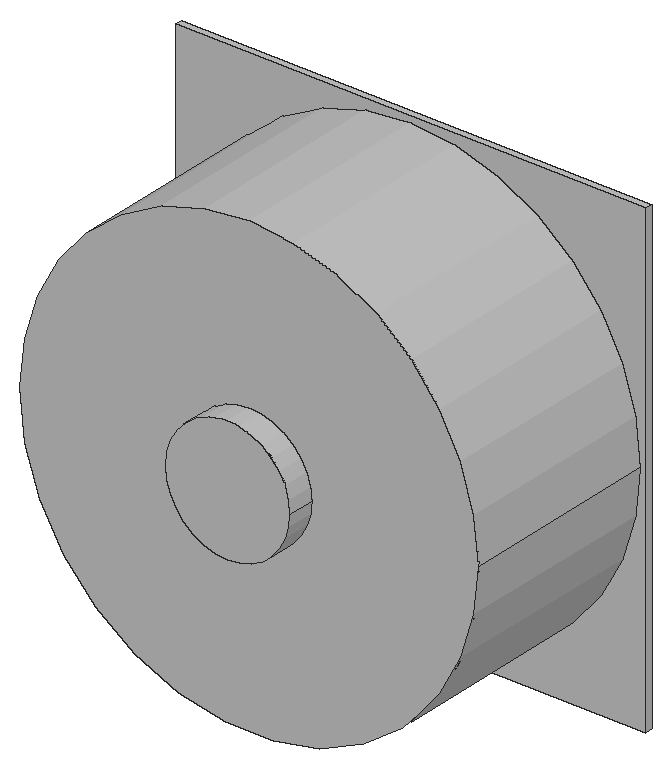
Revit family "eg-50_60etxc2_ftxc2-f_50Hz", category 機械設備, Revit 2019
Family settings
  丸型コネクタ寸法 = 直径を使用
  パーツ タイプ = 標準
  OmniClass 番号 = 23.75.35.21.17
  OmniClass タイトル = Industrial Ventilating Equipment
  作業面ベース = いいえ
  常に垂直 = はい
  ロード時にボイドで切り取り = はい
  共有 = いいえ
  部屋計算ポイント = はい
Parameters (values of type "EG-50ETXC2-F_200V")
  騒音レベル(dB(A)) [instance] = 47
  風量 [instance] = 設計風量  # 0.0 m³/h
  電源種別 [instance] = ""
  電圧 = 200 V
  電動機出力 = 400 W
  電動機_種別 [instance] = ""
  運転質量 = 0.00 kg
  連動 [instance] = ""
  質量 = if(製品質量 > 運転質量, 製品質量, 運転質量) * 1.2  # 31.80 kg
  負荷分類 = 3_ファン類
  説明 = "産業用有圧換気扇 低騒音形ステンレスタイプ オールステンレス高耐食タイプ 排気専用"
  設計風量 [instance] = 0.0 m³/h
  設置方法 = "壁付"
  記号 [instance] = ""
  製造元 = "三菱電機株式会社"
  製品質量 = 26.50 kg
  製品出荷対象 = "国内"
  製品リリース年月 = "2022年6月1日"
  製品グループ = ""
  羽根径 = "∅500"
  レグ_Depth = 275.8 mm
  系統 [instance] = ""
  符号 [instance] = if(☑給気／□排気, "FS", "FE")  # "FE"
  積算_科目 = ""
  積算_拾い区分 [instance] = ""
  相 = 3
  盤記号 [instance] = ""
  盤工事区分 = ""
  発停方法 [instance] = ""
  特殊仕様 [instance] = ""
  火災停止 [instance] = ""
  消費電力 = 200 W
  法定耐用年数 = "15"
  極数 = 3
  極 = 6
  材質 [instance] = ""
  操作・制御方式 = ""
  操作・制御スイッチ = ""
  排気量 [instance] = if(☑給気／□排気, 0.0 m³/h, 設計風量)  # 0.0 m³/h
  形式 = ""
  幹線記号 [instance] = ""
  対象室 [instance] = ""
  実風量 [instance] = 0.0 m³/h
  始動方式 [instance] = "直入"
  外気量 [instance] = if(☑給気／□排気, 設計風量, 0.0 m³/h)  # 0.0 m³/h
  呼称 = "有圧扇"
  周波数 = 50 Hz
  参照している仕様書等のバージョン = ""
  分類コード = "50052503100110"
  分類グループ = ""
  価格 = 768000
  企業コード = "108420"
  付属品_防振装置 = ""
  付属品 [instance] = ""
  仕様書バージョン = "Version1.0"
  レグ_Width = 413 mm
  レグ_Height = 413 mm
  モーター径 = 164 mm
  モデル = "EG-50ETXC2-F"
  フレームの厚さ = 10 mm
  ファンの種類 = "軸流羽根"
  コメント [instance] = ""
  Keynote = ""
  オリフィス_Depth = 88 mm
  ☑給気／□排気 [instance] = no
  Width = 620 mm
  Version = ""
  Uniclass2015Version = "Systems v1.9"
  Uniclass2015Title = "Propeller fans"
  Uniclass2015Code = "Pr_65_67_29_67"
  URL = "https://www.mitsubishielectric.co.jp/ldg/wink/ssl/displayProduct.do?pid=318592"
  SpecificationReference = ""
  SpecificationDescription = ""
  Revision = ""
  ProductInformation = ""
  OmniClassCode = "23-33 31 19 11 17"
  MIN風量 = 0.0 m³/h
  MID風量 = 0.0 m³/h
  MAX風量 = 6060.0 m³/h
  IfcTypeProduct = ""
  IfcProduct = ""
  IfcExportType = "TUBEAXIAL"
  IfcExportAs = "IfcFanType"
  Height = 620 mm
  オリフィス径 = 605 mm
  Depth = 311 mm
  Author = "三菱電機株式会社"
Types (4, lengths in mm): name | 騒音レベル(dB(A)) | 電圧 | 電動機出力 | 質量 | 製品質量 | 羽根径 | レグ_Depth | 消費電力 | 価格 | モデル | オリフィス_Depth | Width | URL | MAX風量 | Height | オリフィス径 | Depth
  EG-50ETXC2-F_200V | 47 | 200 V | 400 W | 31.80 kg | 26.50 kg | "∅500" | 275.8 | 200 W | 768000 | "EG-50ETXC2-F" | 88 | 620 | "https://www.mitsubishielectric.co.jp/ldg/wink/ssl/displayProduct.do?pid=318592" | 6060.0 m³/h | 620 | 605 | 311
  EG-60FTXC2-F_200V | 51.5 | 200 V | 750 W | 34.80 kg | 29.00 kg | "∅600" | 258.8 | 370 W | 1011000 | "EG-60FTXC2-F" | 93 | 710 | "https://www.mitsubishielectric.co.jp/ldg/wink/ssl/displayProduct.do?pid=318597" | 9420.0 m³/h | 710 | 705 | 294
  EG-50ETXC2-F_220V | 47 | 220 V | 400 W | 31.80 kg | 26.50 kg | "∅500" | 275.8 | 220 W | 768000 | "EG-50ETXC2-F" | 88 | 620 | "https://www.mitsubishielectric.co.jp/ldg/wink/ssl/displayProduct.do?pid=318592" | 6060.0 m³/h | 620 | 605 | 311
  EG-60FTXC2-F_220V | 51.5 | 220 V | 750 W | 34.80 kg | 29.00 kg | "∅600" | 258.8 | 393 W | 1011000 | "EG-60FTXC2-F" | 93 | 710 | "https://www.mitsubishielectric.co.jp/ldg/wink/ssl/displayProduct.do?pid=318597" | 9420.0 m³/h | 710 | 705 | 294
Reference planes
  plane 1 "中心(正面/背面)": y = 0
  plane 2: z = 0
  plane 3 "中心(左/右)": x = 0
  plane 4: z = 0
  plane 5: through (212.832, -1524, 243.759) normal (-0.6508, 0, -0.7593)
  plane 6: through (-212.884, -1524, -243.751) normal (0.6508, 0, 0.7593)
  plane 7: through (208.307, -1524, -247.63) normal (-0.6508, 0, 0.7593)
  plane 8: z = 310
  plane 9: z = -310
  plane 10 "左": x = -310
  plane 11 "右": x = 310
  plane 12 "正面": y = -311
  plane 13: y = -10
  plane 14: through (-208.307, -1524, -247.63) normal (-0.6508, 0, -0.7593)
  plane 15: y = -61
  plane 16: y = 39
  plane 17: x = -250
  plane 18: x = 250
  plane 19: y = -275.8
Forms (mm)
  Extrusion 1, solid, detail levels fine
    sketch origin (0, 0, 0) x (1, 0, 0) y (0, 1, 0)
      loop
        line (-310, 0) -> (-310, -10) -> (310, -10) -> (310, 0) -> (-310, 0)
    from -310 to 310
  Extrusion 2, solid, detail levels fine
    sketch origin (140, -23.659, 0) x (-1, 0, 0) y (0, 0, -1)
      loop
        circle (140, 0) r 82
    from 252.141 to 287.341
  Extrusion 3, solid
    sketch origin (0, -153.783, 0) x (1, 0, 0) y (0, 0, 1)
      loop
        circle (0, 0) r 302.5
    from -143.783 to 122.017
Lines and regions (mm)
  Masking region 1, detail levels coarse+medium
    outline origin (0, 0, 0) x (1, 0, 0) y (0, 1, 0)
      loop
        line (-250, -311) -> (250, -311) -> (250, -61) -> (-250, -61) -> (-250, -311)
  Masking region 2, detail levels coarse+medium
    outline origin (0, 0, 0) x (1, 0, 0) y (0, 1, 0)
      loop
        line (-274, -61) -> (274, -61) -> (274, 39) -> (-274, 39) -> (-274, -61)
  symbolic lines, detail levels coarse+medium
    curve 1: circle (274, -291.8, 0) r 115 normal (0, 0, 1)
    curve 2: circle (-274, -291.8, 0) r 115 normal (0, 0, -1)
Dimensions and locks
  level to plane 4 = 0 mm
  equal spacing: plane 8, level, plane 9
  "Depth": plane 12 "正面" to plane 1 "中心(正面/背面)"  (x2)
  "Width": plane 10 "左" to plane 11 "右"
  "Height": plane 8 to plane 9
  "フレームの厚さ": plane 13 to plane 1 "中心(正面/背面)"
  plane 12 "正面" to plane 15 to plane 16 = 250 mm locked, 100 mm locked
  locked: plane 17 to plane 18 at 500
  "レグ_Depth": plane 1 "中心(正面/背面)" to plane 19
  equal spacing: plane 10 "左", plane 3 "中心(左/右)", plane 11 "右"
  "オリフィス径": diameter of Extrusion 3 sketch curve
  "モーター径": diameter of Extrusion 2 sketch curve
  aligned and locked: level to plane 2
  aligned and locked: Extrusion 1 to plane 8
  aligned and locked: plane 10 "左" to Extrusion 1
  aligned and locked: Extrusion 1 to plane 11 "右"
  aligned and locked: plane 9 to Extrusion 1
  aligned and locked: Extrusion 1 to plane 13
  aligned and locked: Extrusion 1 to plane 1 "中心(正面/背面)"  (x5)
  aligned and locked: plane 12 "正面" to Extrusion 2
  aligned and locked: plane 1 "中心(正面/背面)" to Extrusion 1  (x2)
  aligned and locked: plane 4 to Extrusion 2 sketch curve
  aligned and locked: plane 12 "正面" to Masking region 1 sketch curve
  aligned and locked: plane 17 to Masking region 1 sketch curve
  aligned and locked: plane 15 to Masking region 1 sketch curve
  aligned and locked: plane 18 to Masking region 1 sketch curve
  aligned and locked: Masking region 2 sketch curve to plane 15
  aligned and locked: plane 16 to Masking region 2 sketch curve
  aligned and locked: Extrusion 3 to Extrusion 1
  aligned and locked: plane 19 to Extrusion 2
  aligned and locked: Extrusion 3 to plane 19
Automatic sketch dimensions
  Extrusion 1 sketch curve to plane 10 "左" = 0 mm
  Extrusion 1 sketch curve to plane 11 "右" = 0 mm
  Extrusion 1 sketch curve to plane 13 = 0 mm
  plane 1 "中心(正面/背面)" to Extrusion 1 sketch curve = 0 mm
  Extrusion 3 sketch curve to level = 0 mm
  Extrusion 3 sketch curve to plane 3 "中心(左/右)" = 0 mm
  curve 2 to plane 19 = 16 mm
  curve 1 to plane 19 = 16 mm
  curve 2 to plane 10 "左" = 36 mm
  Masking region 2 sketch curve to plane 10 "左" = 36 mm
  plane 11 "右" to curve 1 = 36 mm
  plane 11 "右" to Masking region 2 sketch curve = 36 mm
  Extrusion 2 sketch curve to plane 3 "中心(左/右)" = 0 mm
  radius of curve 1 = 115 mm
  radius of curve 2 = 115 mm
Connectors
  electrical at (310, -5, 0), driven by "電圧", driven by "負荷分類", driven by "消費電力", driven by "極数"
    settings: on Extrusion 1, index 2, voltage 200 V, apparent load 200 VA, apparent load phase1 0 VA, apparent load phase2 0 VA, apparent load phase3 0 VA, power factor 1, load classification "3_ファン類", number of poles 3, system type 30, power factor state 1, is connector primary yes, connector utility no, sub classification motor no, connector description ""
